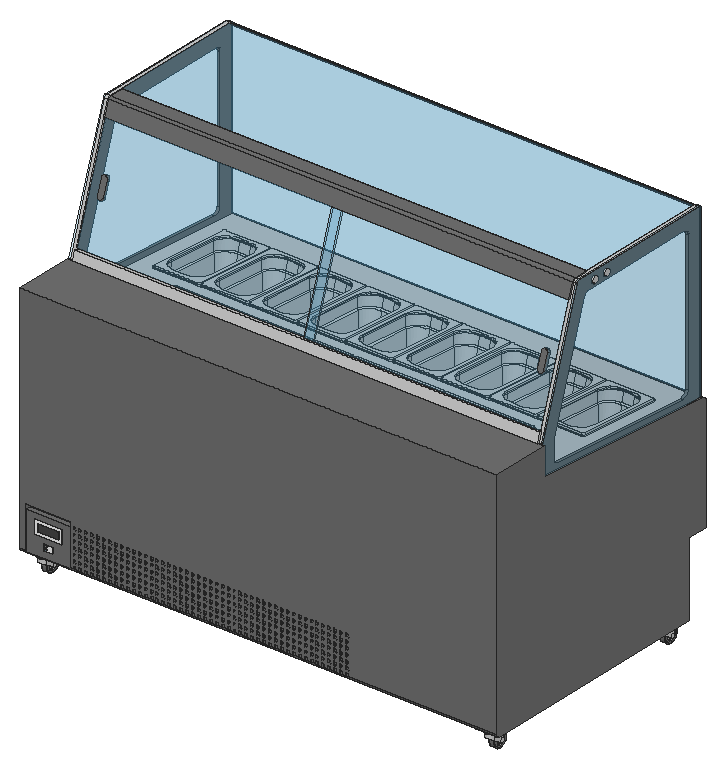
Revit family "QF_BLIZZARD_LUXE12_250923021643", category Specialty Equipment, Revit 2021
Family settings
  Round Connector Dimension = Use Diameter
  Part Type = Normal
  OmniClass Number = 23.40.40.14
  OmniClass Title = Food Service Equipment
  Work Plane-Based = No
  Always vertical = Yes
  Cut with Voids When Loaded = No
  Shared = No
  Room Calculation Point = No
Parameters (values of type "SUNDAE12")
  Weight [instance] = 331.00 kg
  Warranty Start Date [instance] = ""
  Warranty Duration [instance] = ""
  Volts [instance] = 230 V
  Volt Free Conn [instance] = no
  URL Recommended Spares List [instance] = ""
  URL Manufacturer [instance] = ""
  URL Cutsheet [instance] = ""
  URL Critical Spares List [instance] = ""
  URL = "www.blizzardequipment.com"
  Technical Documentation [instance] = ""
  Tag Number [instance] = ""
  Status [instance] = ""
  Start Up Current [instance] = 0 A
  Specification by User [instance] = ""
  Specification by Manufacturer [instance] = ""
  Sound Level [instance] = ""
  Show Logo [instance] = yes
  Show Clearances [instance] = yes
  Service Life Duration [instance] = ""
  Serial Number [instance] = ""
  Seismic Rating [instance] = ""
  SMACNA No [instance] = ""
  Revision Code [instance] = ""
  Revision [instance] = ""
  Production Year [instance] = ""
  Potential Equalisation [instance] = no
  Point Load [instance] = 0
  Phase [instance] = 1
  Other Equipment Approvals [instance] = ""
  Operational Current [instance] = 0 A
  Number of Poles [instance] = 2
  No Load Power Draw [instance] = no
  NAFEM Spec ID Number [instance] = ""
  Model Warning [instance] = ""
  Model = "LUXE12"
  Min Ckt Ampacity [instance] = 0 A
  Max Overcurrent Protection [instance] = 16 A
  Masterspec [instance] = ""
  Manufacturer = "BLIZZARD"
  Main switch integrated [instance] = no
  Length Actual [instance] = 1610 mm
  Item Number [instance] = ""
  Installed By [instance] = ""
  Installation Date [instance] = ""
  Identify Quantity as Lot [instance] = no
  ID [instance] = ""
  Hygiene Approval [instance] = ""
  Height Actual [instance] = 1300 mm
  HP power [instance] = ""
  Furnished By [instance] = ""
  Foodservice Equipment Identifier [instance] = no
  FL Amps [instance] = 13 A
  Electrical Remarks [instance] = ""
  Electric power [instance] = 2990 W
  Electric Connection Type [instance] = ""
  Elec Conn RI Height [instance] = 0 mm
  Elec Conn Connection Height [instance] = 0 mm
  ETL Approved [instance] = no
  Description = "12 PAN ICE CREAM SERVE OVER"
  Depth Actual [instance] = 880 mm
  Default Elevation = 0 mm
  Cycle [instance] = 50 Hz
  Cost = 4915
  Connection to energy optimisation system [instance] = yes
  Conn Plug [instance] = ""
  Conn Conduit [instance] = no
  Centralized building control system with digital interface [instance] = ""
  CSI MasterFormat [instance] = ""
  CE Approved [instance] = no
  Barcode [instance] = 0
  Author [instance] = ""
  Asset Identifier [instance] = ""
  Apparent Power [instance] = 2990 VA
  Accessory [instance] = no
Reference planes
  plane 1 "Center (Front/Back)": y = 0
  plane 2: z = 0
  plane 3 "Center (Left/Right)": x = 0
Forms (mm)
  Extrusion 1, solid, not visible
    sketch origin (100.005, -878.043, 110.005) x (1, 0, 0) y (0, 1, 0)
      loop
        line (-2, 2) -> (-2, -2) -> (2, -2) -> (2, 2) -> (-2, 2)
    from -2 to 2
Dimensions and locks
  locked: nested 2 to Extrusion 1 at 4
  locked: nested 2 to Extrusion 1 at 2
  aligned and locked: level to plane 2
Nested families
  nested 1: "QF_BLIZZARD_SUNDAE12_2920" at (0, 0, 0), type "SUNDAE12"
    with Weight 331.00 kg, Warranty Start Date "", Warranty Duration "", URL Cutsheet "", Technical Documentation "", Tag Number "", Status "", Specification by User "", Specification by Manufacturer "", Sound Level "", Solid Fuel Type "", Show Logo yes, Show Clearances yes, Service Life Duration "", Serial Number "", Seismic Rating "", SMACNA No "", Revision Code "", Revision "", Production Year "", Point Load 0, Other Equipment Approvals "", NAFEM Spec ID Number "", Model Warning "", Masterspec "", Length Actual 1610 mm, Item Number "", Installed By "", Installation Date "", Identify Quantity as Lot yes, ID "", Hygiene Approval "", Height Actual 1300 mm, Furnished By "", Foodservice Equipment Identifier yes, ETL Approved yes, Depth Actual 880 mm, CSI MasterFormat "", CE Approved yes, Barcode "", Asset Identifier "", Accessory no
  nested 2: "CONN_POINT_ELE_2D___Generic_Annotation" at (100.005, -880.043, 110.005), type "CONN_POINT_ELE_2D___Generic_Annotation"
    with Onboard connection annotation symbol visibility yes
Connectors
  electrical at (100.005, -880.043, 110.005), driven by "Apparent Power", driven by "Number of Poles", driven by "Volts"
    settings: on Extrusion 1, index 1, voltage 230 V, apparent load 0 VA, apparent load phase1 2990 VA, apparent load phase2 0 VA, apparent load phase3 0 VA, power factor 1, load classification "Other", number of poles 2, system type 31, power factor state 1, is connector primary yes, connector utility no, sub classification motor no, connector description "Electrical connection for LUXE12"
Definition of nested family "QF_BLIZZARD_SUNDAE12_2920"
  Parameters (values of type "SUNDAE12")
    Weight [instance] = 0.00 kg
    Warranty Start Date [instance] = ""
    Warranty Duration [instance] = ""
    URL Cutsheet [instance] = ""
    URL = "www.blizzardequipment.com"
    Technical Documentation [instance] = ""
    Tag Number [instance] = ""
    Status [instance] = ""
    Specification by User [instance] = ""
    Specification by Manufacturer [instance] = ""
    Sound Level [instance] = ""
    Solid Fuel Type [instance] = ""
    Show Logo [instance] = yes
    Show Clearances [instance] = yes
    Service Life Duration [instance] = ""
    Serial Number [instance] = ""
    Seismic Rating [instance] = ""
    SMACNA No [instance] = ""
    Revision Code [instance] = ""
    Revision [instance] = ""
    Production Year [instance] = ""
    Point Load [instance] = 0
    Other Equipment Approvals [instance] = ""
    NAFEM Spec ID Number [instance] = ""
    Model Warning [instance] = ""
    Model = "LUXE12"
    Masterspec [instance] = ""
    Manufacturer = "BLIZZARD"
    Length Actual [instance] = 0 mm
    Item Number [instance] = ""
    Installed By [instance] = ""
    Installation Date [instance] = ""
    Identify Quantity as Lot [instance] = yes
    ID [instance] = ""
    Hygiene Approval [instance] = ""
    Height Actual [instance] = 0 mm
    Furnished By [instance] = ""
    Foodservice Equipment Identifier [instance] = yes
    ETL Approved [instance] = yes
    Description = "12 PAN ICE CREAM SERVE OVER"
    Depth Actual [instance] = 0 mm
    Default Elevation = 0 mm
    CSI MasterFormat [instance] = ""
    CE Approved [instance] = yes
    Barcode [instance] = ""
    Author = "SPECIFI"
    Asset Identifier [instance] = ""
    Assembly Code = "E1090320"
    Accessory [instance] = yes
  Reference planes
    plane 1 "Back": y = 0
    plane 2: z = 0
    plane 3 "Left": x = 0
    plane 4 "Right": x = 1610
    plane 5 "Front": y = -880
    plane 6 "Top": z = 1300
  Forms (mm)
    Extrusion 1, solid
      sketch origin (1604.5, -20.5, -39.345) x (-1, 0, 0) y (0, -1, 0)
        loop
          line (56, 104) -> (58, 104)
          arc (58, 104) -> (44.5, 117.5) -> (31, 104) r 13.5
          line (31, 104) -> (33, 104)
          arc (33, 104) -> (44.5, 115.5) -> (56, 104) r 11.5
      from 61.345 to 98.345
    Extrusion 2, solid
      sketch origin (1573.5, -37.722, -47.526) x (0, 1, 0) y (0, 0, -1)
        loop
          line (-86.778, -84.526) -> (-86.778, -106.526) -> (-55.778, -106.526) -> (-55.778, -101.526) -> (-47.778, -72.526)
          arc (-47.778, -72.526) -> (-50.121, -66.869) -> (-55.778, -64.526) r 8
          line (-55.778, -64.526) -> (-86.778, -84.526)
      from 0 to 2
    Revolve 3, solid
      sketch origin (1591.5, -93.5, -25.119) x (-1, 0, 0) y (0, 0, -1)
        loop
          arc (23.5, -25.119) -> (22.086, -25.705) -> (21.5, -27.119) r 2
          line (21.5, -27.119) -> (21.5, -35.119) -> (41.5, -35.119) -> (41.5, -27.119)
          arc (41.5, -27.119) -> (40.914, -25.705) -> (39.5, -25.119) r 2
          line (39.5, -25.119) -> (23.5, -25.119)
        axis (21.5, -50.119) -> (41.5, -50.119)
      angle from 0 to 360
    Extrusion 4, solid
      sketch origin (1581.11, -17.705, -12.526) x (0, 1, 0) y (0, 0, -1)
        loop
          circle (-75.795, -37.526) r 6
      from 6.11 to 36.11
    Extrusion 5, solid
      sketch origin (1565, 628.948, -19.119) x (0, 1, 0) y (0, 0, -1)
        loop
          circle (-722.448, -44.119) r 13
      from 0 to 10
    Extrusion 6, solid
      sketch origin (56.431, 626.454, 57) x (-1, 0, 0) y (0, -1, 0)
        loop
          arc (-1492.069, 750.954) -> (-1503.569, 762.454) -> (-1515.069, 750.954) r 11.5
          line (-1515.069, 750.954) -> (-1515.069, 719.954) -> (-1492.069, 719.954) -> (-1492.069, 750.954)
      from 0 to 2
    Revolve 7, solid
      sketch origin (1560, -160.579, -32) x (0, -1, 0) y (0, 0, -1)
        loop
          line (-22.579, -91) -> (-41.579, -91) -> (-41.579, -101) -> (-17.579, -101)
          arc (-17.579, -101) -> (-18.286, -100.707) -> (-18.579, -100) r 1
          line (-18.579, -100) -> (-18.579, -94)
          arc (-18.579, -94) -> (-18.872, -93.293) -> (-19.579, -93) r 1
          line (-19.579, -93) -> (-22.579, -93) -> (-22.579, -91)
        axis (-41.579, -91) -> (-41.579, -101)
      angle from 0 to 360
    Extrusion 8, solid
      sketch origin (1548.5, -37.722, -47.526) x (0, 1, 0) y (0, 0, -1)
        loop
          line (-86.778, -84.526) -> (-86.778, -106.526) -> (-55.778, -106.526) -> (-55.778, -101.526) -> (-47.778, -72.526)
          arc (-47.778, -72.526) -> (-50.121, -66.869) -> (-55.778, -64.526) r 8
          line (-55.778, -64.526) -> (-86.778, -84.526)
      from 0 to 2
    Extrusion 9, solid
      sketch origin (1850.983, -471.844, 169.646) x (0, 1, 0) y (0, 0, -1)
        loop
          circle (378.344, 144.646) r 15
        loop
          circle (378.344, 144.646) r 13
      from 280.983 to 300.983
    Extrusion 10, solid
      sketch origin (1831.573, -106.052, 69) x (-1, 0, 0) y (0, -1, 0)
        loop
          line (241.573, -17.052) -> (301.573, -17.052) -> (301.573, 42.948) -> (241.573, 42.948) -> (241.573, -17.052)
      from 0 to 2
    Extrusion 11, solid
      sketch origin (1604.5, -740.5, -39.345) x (-1, 0, 0) y (0, -1, 0)
        loop
          line (56, 104) -> (58, 104)
          arc (58, 104) -> (44.5, 117.5) -> (31, 104) r 13.5
          line (31, 104) -> (33, 104)
          arc (33, 104) -> (44.5, 115.5) -> (56, 104) r 11.5
      from 61.345 to 98.345
    Extrusion 12, solid
      sketch origin (1573.5, -757.722, -47.526) x (0, 1, 0) y (0, 0, -1)
        loop
          line (-86.778, -84.526) -> (-86.778, -106.526) -> (-55.778, -106.526) -> (-55.778, -101.526) -> (-47.778, -72.526)
          arc (-47.778, -72.526) -> (-50.121, -66.869) -> (-55.778, -64.526) r 8
          line (-55.778, -64.526) -> (-86.778, -84.526)
      from 0 to 2
    Revolve 13, solid
      sketch origin (1591.5, -813.5, -25.119) x (-1, 0, 0) y (0, 0, -1)
        loop
          arc (23.5, -25.119) -> (22.086, -25.705) -> (21.5, -27.119) r 2
          line (21.5, -27.119) -> (21.5, -35.119) -> (41.5, -35.119) -> (41.5, -27.119)
          arc (41.5, -27.119) -> (40.914, -25.705) -> (39.5, -25.119) r 2
          line (39.5, -25.119) -> (23.5, -25.119)
        axis (21.5, -50.119) -> (41.5, -50.119)
      angle from 0 to 360
    Extrusion 14, solid
      sketch origin (1581.11, -737.705, -12.526) x (0, 1, 0) y (0, 0, -1)
        loop
          circle (-75.795, -37.526) r 6
      from 6.11 to 36.11
    Extrusion 15, solid
      sketch origin (1565, -91.052, -19.119) x (0, 1, 0) y (0, 0, -1)
        loop
          circle (-722.448, -44.119) r 13
      from 0 to 10
    Extrusion 16, solid
      sketch origin (56.431, -93.546, 57) x (-1, 0, 0) y (0, -1, 0)
        loop
          arc (-1492.069, 750.954) -> (-1503.569, 762.454) -> (-1515.069, 750.954) r 11.5
          line (-1515.069, 750.954) -> (-1515.069, 719.954) -> (-1492.069, 719.954) -> (-1492.069, 750.954)
      from 0 to 2
    Revolve 17, solid
      sketch origin (1560, -880.579, -32) x (0, -1, 0) y (0, 0, -1)
        loop
          line (-22.579, -91) -> (-41.579, -91) -> (-41.579, -101) -> (-17.579, -101)
          arc (-17.579, -101) -> (-18.286, -100.707) -> (-18.579, -100) r 1
          line (-18.579, -100) -> (-18.579, -94)
          arc (-18.579, -94) -> (-18.872, -93.293) -> (-19.579, -93) r 1
          line (-19.579, -93) -> (-22.579, -93) -> (-22.579, -91)
        axis (-41.579, -91) -> (-41.579, -101)
      angle from 0 to 360
    Extrusion 18, solid
      sketch origin (1548.5, -757.722, -47.526) x (0, 1, 0) y (0, 0, -1)
        loop
          line (-86.778, -84.526) -> (-86.778, -106.526) -> (-55.778, -106.526) -> (-55.778, -101.526) -> (-47.778, -72.526)
          arc (-47.778, -72.526) -> (-50.121, -66.869) -> (-55.778, -64.526) r 8
          line (-55.778, -64.526) -> (-86.778, -84.526)
      from 0 to 2
    Extrusion 19, solid
      sketch origin (1850.983, -1191.844, 169.646) x (0, 1, 0) y (0, 0, -1)
        loop
          circle (378.344, 144.646) r 15
        loop
          circle (378.344, 144.646) r 13
      from 280.983 to 300.983
    Extrusion 20, solid
      sketch origin (1831.573, -826.052, 69) x (-1, 0, 0) y (0, -1, 0)
        loop
          line (241.573, -17.052) -> (301.573, -17.052) -> (301.573, 42.948) -> (241.573, 42.948) -> (241.573, -17.052)
      from 0 to 2
    Extrusion 21, solid
      sketch origin (1570, -594, 0) x (0, -1, 0) y (0, 0, 1)
        loop
          line (-485, 57) -> (-510, 57) -> (-534.62, 61.341) -> (-534.967, 59.372) -> (-510.175, 55) -> (-485, 55) -> (-485, 57)
      from 0 to 20
    Extrusion 22, solid
      sketch origin (94.5, -20.5, -39.345) x (-1, 0, 0) y (0, -1, 0)
        loop
          line (56, 104) -> (58, 104)
          arc (58, 104) -> (44.5, 117.5) -> (31, 104) r 13.5
          line (31, 104) -> (33, 104)
          arc (33, 104) -> (44.5, 115.5) -> (56, 104) r 11.5
      from 61.345 to 98.345
    Extrusion 23, solid
      sketch origin (63.5, -37.722, -47.526) x (0, 1, 0) y (0, 0, -1)
        loop
          line (-86.778, -84.526) -> (-86.778, -106.526) -> (-55.778, -106.526) -> (-55.778, -101.526) -> (-47.778, -72.526)
          arc (-47.778, -72.526) -> (-50.121, -66.869) -> (-55.778, -64.526) r 8
          line (-55.778, -64.526) -> (-86.778, -84.526)
      from 0 to 2
    Revolve 24, solid
      sketch origin (81.5, -93.5, -25.119) x (-1, 0, 0) y (0, 0, -1)
        loop
          arc (23.5, -25.119) -> (22.086, -25.705) -> (21.5, -27.119) r 2
          line (21.5, -27.119) -> (21.5, -35.119) -> (41.5, -35.119) -> (41.5, -27.119)
          arc (41.5, -27.119) -> (40.914, -25.705) -> (39.5, -25.119) r 2
          line (39.5, -25.119) -> (23.5, -25.119)
        axis (21.5, -50.119) -> (41.5, -50.119)
      angle from 0 to 360
    Extrusion 25, solid
      sketch origin (71.11, -17.705, -12.526) x (0, 1, 0) y (0, 0, -1)
        loop
          circle (-75.795, -37.526) r 6
      from 6.11 to 36.11
    Extrusion 26, solid
      sketch origin (55, 628.948, -19.119) x (0, 1, 0) y (0, 0, -1)
        loop
          circle (-722.448, -44.119) r 13
      from 0 to 10
    Extrusion 27, solid
      sketch origin (-1453.569, 626.454, 57) x (-1, 0, 0) y (0, -1, 0)
        loop
          arc (-1492.069, 750.954) -> (-1503.569, 762.454) -> (-1515.069, 750.954) r 11.5
          line (-1515.069, 750.954) -> (-1515.069, 719.954) -> (-1492.069, 719.954) -> (-1492.069, 750.954)
      from 0 to 2
    Revolve 28, solid
      sketch origin (50, -160.579, -32) x (0, -1, 0) y (0, 0, -1)
        loop
          line (-22.579, -91) -> (-41.579, -91) -> (-41.579, -101) -> (-17.579, -101)
          arc (-17.579, -101) -> (-18.286, -100.707) -> (-18.579, -100) r 1
          line (-18.579, -100) -> (-18.579, -94)
          arc (-18.579, -94) -> (-18.872, -93.293) -> (-19.579, -93) r 1
          line (-19.579, -93) -> (-22.579, -93) -> (-22.579, -91)
        axis (-41.579, -91) -> (-41.579, -101)
      angle from 0 to 360
    Extrusion 29, solid
      sketch origin (38.5, -37.722, -47.526) x (0, 1, 0) y (0, 0, -1)
        loop
          line (-86.778, -84.526) -> (-86.778, -106.526) -> (-55.778, -106.526) -> (-55.778, -101.526) -> (-47.778, -72.526)
          arc (-47.778, -72.526) -> (-50.121, -66.869) -> (-55.778, -64.526) r 8
          line (-55.778, -64.526) -> (-86.778, -84.526)
      from 0 to 2
    Extrusion 30, solid
      sketch origin (340.983, -471.844, 169.646) x (0, 1, 0) y (0, 0, -1)
        loop
          circle (378.344, 144.646) r 15
        loop
          circle (378.344, 144.646) r 13
      from 280.983 to 300.983
    Extrusion 31, solid
      sketch origin (321.573, -106.052, 69) x (-1, 0, 0) y (0, -1, 0)
        loop
          line (241.573, -17.052) -> (301.573, -17.052) -> (301.573, 42.948) -> (241.573, 42.948) -> (241.573, -17.052)
      from 0 to 2
    Extrusion 32, solid
      sketch origin (94.5, -740.5, -39.345) x (-1, 0, 0) y (0, -1, 0)
        loop
          line (56, 104) -> (58, 104)
          arc (58, 104) -> (44.5, 117.5) -> (31, 104) r 13.5
          line (31, 104) -> (33, 104)
          arc (33, 104) -> (44.5, 115.5) -> (56, 104) r 11.5
      from 61.345 to 98.345
    Extrusion 33, solid
      sketch origin (63.5, -757.722, -47.526) x (0, 1, 0) y (0, 0, -1)
        loop
          line (-86.778, -84.526) -> (-86.778, -106.526) -> (-55.778, -106.526) -> (-55.778, -101.526) -> (-47.778, -72.526)
          arc (-47.778, -72.526) -> (-50.121, -66.869) -> (-55.778, -64.526) r 8
          line (-55.778, -64.526) -> (-86.778, -84.526)
      from 0 to 2
    Revolve 34, solid
      sketch origin (81.5, -813.5, -25.119) x (-1, 0, 0) y (0, 0, -1)
        loop
          arc (23.5, -25.119) -> (22.086, -25.705) -> (21.5, -27.119) r 2
          line (21.5, -27.119) -> (21.5, -35.119) -> (41.5, -35.119) -> (41.5, -27.119)
          arc (41.5, -27.119) -> (40.914, -25.705) -> (39.5, -25.119) r 2
          line (39.5, -25.119) -> (23.5, -25.119)
        axis (21.5, -50.119) -> (41.5, -50.119)
      angle from 0 to 360
    Extrusion 35, solid
      sketch origin (71.11, -737.705, -12.526) x (0, 1, 0) y (0, 0, -1)
        loop
          circle (-75.795, -37.526) r 6
      from 6.11 to 36.11
    Extrusion 36, solid
      sketch origin (55, -91.052, -19.119) x (0, 1, 0) y (0, 0, -1)
        loop
          circle (-722.448, -44.119) r 13
      from 0 to 10
    Extrusion 37, solid
      sketch origin (-1453.569, -93.546, 57) x (-1, 0, 0) y (0, -1, 0)
        loop
          arc (-1492.069, 750.954) -> (-1503.569, 762.454) -> (-1515.069, 750.954) r 11.5
          line (-1515.069, 750.954) -> (-1515.069, 719.954) -> (-1492.069, 719.954) -> (-1492.069, 750.954)
      from 0 to 2
    Revolve 38, solid
      sketch origin (50, -880.579, -32) x (0, -1, 0) y (0, 0, -1)
        loop
          line (-22.579, -91) -> (-41.579, -91) -> (-41.579, -101) -> (-17.579, -101)
          arc (-17.579, -101) -> (-18.286, -100.707) -> (-18.579, -100) r 1
          line (-18.579, -100) -> (-18.579, -94)
          arc (-18.579, -94) -> (-18.872, -93.293) -> (-19.579, -93) r 1
          line (-19.579, -93) -> (-22.579, -93) -> (-22.579, -91)
        axis (-41.579, -91) -> (-41.579, -101)
      angle from 0 to 360
    Extrusion 39, solid
      sketch origin (38.5, -757.722, -47.526) x (0, 1, 0) y (0, 0, -1)
        loop
          line (-86.778, -84.526) -> (-86.778, -106.526) -> (-55.778, -106.526) -> (-55.778, -101.526) -> (-47.778, -72.526)
          arc (-47.778, -72.526) -> (-50.121, -66.869) -> (-55.778, -64.526) r 8
          line (-55.778, -64.526) -> (-86.778, -84.526)
      from 0 to 2
    Extrusion 40, solid
      sketch origin (340.983, -1191.844, 169.646) x (0, 1, 0) y (0, 0, -1)
        loop
          circle (378.344, 144.646) r 15
        loop
          circle (378.344, 144.646) r 13
      from 280.983 to 300.983
    Extrusion 41, solid
      sketch origin (321.573, -826.052, 69) x (-1, 0, 0) y (0, -1, 0)
        loop
          line (241.573, -17.052) -> (301.573, -17.052) -> (301.573, 42.948) -> (241.573, 42.948) -> (241.573, -17.052)
      from 0 to 2
    Extrusion 42, solid
      sketch origin (60, -594, 0) x (0, -1, 0) y (0, 0, 1)
        loop
          line (-485, 57) -> (-510, 57) -> (-534.62, 61.341) -> (-534.967, 59.372) -> (-510.175, 55) -> (-485, 55) -> (-485, 57)
      from 0 to 20
    Extrusion 43, void
      sketch origin (1600, -879, 0) x (0, -1, 0) y (0, 0, 1)
        loop
          line (-10.5, 52.484) -> (-34.5, 37) -> (-34.5, 57) -> (-58.5, 57) -> (-58.5, 22) -> (-10.5, 22) -> (-10.5, 52.484)
      from 26.5 to 53.5
    Extrusion 44, void
      sketch origin (1600, -159, 0) x (0, -1, 0) y (0, 0, 1)
        loop
          line (-10.5, 52.484) -> (-34.5, 37) -> (-34.5, 57) -> (-58.5, 57) -> (-58.5, 22) -> (-10.5, 22) -> (-10.5, 52.484)
      from 26.5 to 53.5
    Extrusion 45, void
      sketch origin (90, -879, 0) x (0, -1, 0) y (0, 0, 1)
        loop
          line (-10.5, 52.484) -> (-34.5, 37) -> (-34.5, 57) -> (-58.5, 57) -> (-58.5, 22) -> (-10.5, 22) -> (-10.5, 52.484)
      from 26.5 to 53.5
    Extrusion 46, void
      sketch origin (90, -159, 0) x (0, -1, 0) y (0, 0, 1)
        loop
          line (-10.5, 52.484) -> (-34.5, 37) -> (-34.5, 57) -> (-58.5, 57) -> (-58.5, 22) -> (-10.5, 22) -> (-10.5, 52.484)
      from 26.5 to 53.5
    Extrusion 47, solid
      sketch origin (1625, -843.5, 665) x (0, -1, 0) y (0, 0, 1)
        loop
          line (-834.5, 625) -> (-834.5, 54) -> (-829.5, 54) -> (-829.5, 625)
          arc (-829.5, 625) -> (-828.036, 628.536) -> (-824.5, 630) r 5
          line (-824.5, 630) -> (-370.038, 630) -> (-370.038, 635) -> (-824.5, 635)
          arc (-824.5, 635) -> (-831.571, 632.071) -> (-834.5, 625) r 10
      from 35 to 1605
    Extrusion 48, solid
      sketch origin (1610, -463.462, 706) x (0, -1, 0) y (0, 0, 1)
        loop
          circle (-50, 569) r 10
      from 0 to 5
    Extrusion 49, solid
      sketch origin (1635, -911, 547) x (0, -1, 0) y (0, 0, 1)
        loop
          line (-387.538, 751) -> (-892, 751)
          arc (-892, 751) -> (-897.657, 748.657) -> (-900, 743) r 8
          line (-900, 743) -> (-900, 172) -> (-232, 172) -> (-232, 315.857) -> (-379.974, 745.605)
          arc (-379.974, 745.605) -> (-382.893, 749.513) -> (-387.538, 751) r 8
        loop
          line (-283.09, 316.797) -> (-411.425, 689.511)
          arc (-411.425, 689.511) -> (-418.722, 699.282) -> (-430.336, 703) r 20
          line (-430.336, 703) -> (-832, 703)
          arc (-832, 703) -> (-846.142, 697.142) -> (-852, 683) r 20
          line (-852, 683) -> (-852, 213.678)
          arc (-852, 213.678) -> (-845.562, 198.978) -> (-830.392, 193.743) r 20
          line (-830.392, 193.743) -> (-300.392, 236.484)
          arc (-300.392, 236.484) -> (-287.3, 242.858) -> (-282, 256.42) r 20
          line (-282, 256.42) -> (-282, 310.286)
          arc (-282, 310.286) -> (-282.274, 313.587) -> (-283.09, 316.797) r 20
      from 35 to 45
    Extrusion 50, solid
      sketch origin (1610, -413.462, 706) x (0, 1, 0) y (0, 0, -1)
        loop
          circle (-50, -569) r 10
      from 0 to 5
    Extrusion 51, solid
      sketch origin (0, -463.462, 706) x (0, -1, 0) y (0, 0, -1)
        loop
          circle (-50, -569) r 10
      from 0 to 5
    Extrusion 52, solid
      sketch origin (0, -413.462, 706) x (0, 1, 0) y (0, 0, 1)
        loop
          circle (-50, 569) r 10
      from 0 to 5
    Extrusion 53, solid
      sketch origin (890, -901, -7) x (0, -1, 0) y (0, 0, -1)
        loop
          line (-222, -876) -> (-22, -876) -> (-22, -88)
          arc (-22, -88) -> (-24.929, -80.929) -> (-32, -78) r 10
          line (-32, -78) -> (-832, -78) -> (-832, -328) -> (-902, -328) -> (-902, -716)
          arc (-902, -716) -> (-899.071, -723.071) -> (-892, -726) r 10
          line (-892, -726) -> (-222, -780.032) -> (-222, -876)
      from -890 to 720
    Extrusion 54, solid
      sketch origin (1585, -520.693, -9.47) x (0, -0.919003, -0.39425) y (0, -0.39425, 0.919003)
        loop
          line (-222.149, 893.201) -> (-468.767, 1165) -> (-472.47, 1161.64) -> (-225.852, 889.842) -> (-222.149, 893.201)
      from -5 to 795
    Extrusion 55, solid
      sketch origin (180, -514.488, -6.809) x (0, -0.919003, -0.39425) y (0, -0.39425, 0.919003)
        loop
          line (-219.1, 889.842) -> (-465.718, 1161.64) -> (-469.421, 1158.28) -> (-222.803, 886.482) -> (-219.1, 889.842)
      from -640 to 160
    Extrusion 56, solid
      sketch origin (1630, -520.693, -9.47) x (0, -0.919003, -0.39425) y (0, -0.39425, 0.919003)
        loop
          line (-197.936, 870.981) -> (-219.927, 895.217) -> (-231.777, 884.466) -> (-185.109, 833.034) -> (-200.852, 869.73) -> (-197.936, 870.981)
      from 40 to 1610
    Extrusion 57, solid
      sketch origin (2117.067, -944.18, 101.934) x (-1, 0, 0) y (0, 0.325568, 0.945519)
        loop
          line (557.067, 1051.807) -> (557.067, 1001.807)
          arc (557.067, 1001.807) -> (567.067, 991.807) -> (577.067, 1001.807) r 10
          line (577.067, 1001.807) -> (577.067, 1051.807)
          arc (577.067, 1051.807) -> (567.067, 1061.807) -> (557.067, 1051.807) r 10
      from 0 to 7
    Extrusion 58, solid
      sketch origin (627.067, -939.452, 100.306) x (-1, 0, 0) y (0, 0.325568, 0.945519)
        loop
          arc (577.067, 1051.807) -> (567.067, 1061.807) -> (557.067, 1051.807) r 10
          line (557.067, 1051.807) -> (557.067, 1001.807)
          arc (557.067, 1001.807) -> (567.067, 991.807) -> (577.067, 1001.807) r 10
          line (577.067, 1001.807) -> (577.067, 1051.807)
      from 0 to 7
    Extrusion 59, solid
      sketch origin (1640, -901, 547) x (0, -1, 0) y (0, 0, 1)
        loop
          line (-377.538, 753) -> (-882, 753)
          arc (-882, 753) -> (-889.071, 750.071) -> (-892, 743) r 10
          line (-892, 743) -> (-892, 172) -> (-222, 172) -> (-222, 322) -> (-368.083, 746.256)
          arc (-368.083, 746.256) -> (-371.731, 751.141) -> (-377.538, 753) r 10
      from 35 to 40
    Extrusion 60, solid
      sketch origin (1635, -861, 547) x (0, -1, 0) y (0, 0, 1)
        loop
          line (-337.538, 753) -> (-842, 753)
          arc (-842, 753) -> (-849.071, 750.071) -> (-852, 743) r 10
          line (-852, 743) -> (-852, 172) -> (-850, 172) -> (-850, 743)
          arc (-850, 743) -> (-847.657, 748.657) -> (-842, 751) r 8
          line (-842, 751) -> (-337.538, 751)
          arc (-337.538, 751) -> (-332.893, 749.513) -> (-329.974, 745.605) r 8
          line (-329.974, 745.605) -> (-182, 315.857) -> (-182, 322) -> (-328.083, 746.256)
          arc (-328.083, 746.256) -> (-331.731, 751.141) -> (-337.538, 753) r 10
      from 35 to 45
    Extrusion 61, solid
      sketch origin (1590, -879, 0) x (0, -1, 0) y (0, 0, 1)
        loop
          line (-355.538, 1300) -> (-405.538, 1300) -> (-405.538, 1250) -> (-398.336, 1250)
          arc (-398.336, 1250) -> (-386.722, 1246.282) -> (-379.425, 1236.511) r 20
          line (-379.425, 1236.511) -> (-377.08, 1229.701) -> (-329.805, 1245.98) -> (-346.083, 1293.256)
          arc (-346.083, 1293.256) -> (-349.731, 1298.141) -> (-355.538, 1300) r 10
      from 0 to 1570
    Extrusion 62, solid
      sketch origin (-25, -911, 547) x (0, -1, 0) y (0, 0, -1)
        loop
          arc (-387.538, -751) -> (-382.893, -749.513) -> (-379.974, -745.605) r 8
          line (-379.974, -745.605) -> (-232, -315.857) -> (-232, -172) -> (-900, -172) -> (-900, -743)
          arc (-900, -743) -> (-897.657, -748.657) -> (-892, -751) r 8
          line (-892, -751) -> (-387.538, -751)
        loop
          arc (-283.09, -316.797) -> (-282.274, -313.587) -> (-282, -310.286) r 20
          line (-282, -310.286) -> (-282, -256.42)
          arc (-282, -256.42) -> (-287.3, -242.858) -> (-300.392, -236.484) r 20
          line (-300.392, -236.484) -> (-830.392, -193.743)
          arc (-830.392, -193.743) -> (-845.562, -198.978) -> (-852, -213.678) r 20
          line (-852, -213.678) -> (-852, -683)
          arc (-852, -683) -> (-846.142, -697.142) -> (-832, -703) r 20
          line (-832, -703) -> (-430.336, -703)
          arc (-430.336, -703) -> (-418.722, -699.282) -> (-411.425, -689.511) r 20
          line (-411.425, -689.511) -> (-283.09, -316.797)
      from 35 to 45
    Extrusion 63, solid
      sketch origin (-30, -901, 547) x (0, -1, 0) y (0, 0, -1)
        loop
          arc (-377.538, -753) -> (-371.731, -751.141) -> (-368.083, -746.256) r 10
          line (-368.083, -746.256) -> (-222, -322) -> (-222, -172) -> (-892, -172) -> (-892, -743)
          arc (-892, -743) -> (-889.071, -750.071) -> (-882, -753) r 10
          line (-882, -753) -> (-377.538, -753)
      from 35 to 40
    Extrusion 64, solid
      sketch origin (-25, -861, 547) x (0, -1, 0) y (0, 0, -1)
        loop
          arc (-337.538, -753) -> (-331.731, -751.141) -> (-328.083, -746.256) r 10
          line (-328.083, -746.256) -> (-182, -322) -> (-182, -315.857) -> (-329.974, -745.605)
          arc (-329.974, -745.605) -> (-332.893, -749.513) -> (-337.538, -751) r 8
          line (-337.538, -751) -> (-842, -751)
          arc (-842, -751) -> (-847.657, -748.657) -> (-850, -743) r 8
          line (-850, -743) -> (-850, -172) -> (-852, -172) -> (-852, -743)
          arc (-852, -743) -> (-849.071, -750.071) -> (-842, -753) r 10
          line (-842, -753) -> (-337.538, -753)
      from 35 to 45
    Sweep 65, solid
      path origin (1207, -390, 608.268) x (0, 0.996764, -0.080384) y (-1, 0, 0)
        loop
          line (22.985, -289.089) -> (202.015, -289.089)
          arc (202.015, -289.089) -> (219.402, -281.887) -> (226.604, -264.5) r 24.589
          line (226.604, -264.5) -> (226.604, -227.5)
          arc (226.604, -227.5) -> (219.402, -210.113) -> (202.015, -202.911) r 24.589
          line (202.015, -202.911) -> (22.985, -202.911)
          arc (22.985, -202.911) -> (5.598, -210.113) -> (-1.604, -227.5) r 24.589
          line (-1.604, -227.5) -> (-1.604, -264.5)
          arc (-1.604, -264.5) -> (5.598, -281.887) -> (22.985, -289.089) r 24.589
      profile origin (1496.089, -277.864, 599.225) x (-1, 0, 0) y (0, 0.080384, 0.996764)
        loop
          arc (0, 2) -> (-9.637, 5.845) -> (-13.981, 15.267) r 14
          line (-13.981, 15.267) -> (-18.689, 105.106) -> (-23.411, 109.828) -> (-23.411, 143) -> (-25.411, 143) -> (-25.411, 109) -> (-20.646, 104.235) -> (-15.978, 15.163)
          arc (-15.978, 15.163) -> (-11.014, 4.394) -> (0, 0) r 16
          line (0, 0) -> (0, 2)
    Extrusion 66, solid
      sketch origin (1207, -389.598, 613.252) x (0, 0.996764, -0.080384) y (-1, 0, 0)
        loop
          line (-40, -174) -> (-40, -318)
          arc (-40, -318) -> (-37.364, -324.364) -> (-31, -327) r 9
          line (-31, -327) -> (256, -327)
          arc (256, -327) -> (262.364, -324.364) -> (265, -318) r 9
          line (265, -318) -> (265, -174)
          arc (265, -174) -> (262.364, -167.636) -> (256, -165) r 9
          line (256, -165) -> (-31, -165)
          arc (-31, -165) -> (-37.364, -167.636) -> (-40, -174) r 9
        loop
          arc (-25.015, -264.5) -> (-10.957, -298.441) -> (22.985, -312.5) r 48
          line (22.985, -312.5) -> (202.2, -312.5)
          arc (202.2, -312.5) -> (236.011, -298.495) -> (250.015, -264.685) r 47.815
          line (250.015, -264.685) -> (250.015, -227.5)
          arc (250.015, -227.5) -> (235.957, -193.559) -> (202.015, -179.5) r 48
          line (202.015, -179.5) -> (22.985, -179.5)
          arc (22.985, -179.5) -> (-10.957, -193.559) -> (-25.015, -227.5) r 48
          line (-25.015, -227.5) -> (-25.015, -264.5)
      from 138 to 140
    Extrusion 67, solid
      sketch origin (1207, -389.598, 613.252) x (0, 0.996764, -0.080384) y (-1, 0, 0)
        loop
          arc (-37, -318) -> (-35.243, -322.243) -> (-31, -324) r 6
          line (-31, -324) -> (256, -324)
          arc (256, -324) -> (260.243, -322.243) -> (262, -318) r 6
          line (262, -318) -> (262, -174)
          arc (262, -174) -> (260.243, -169.757) -> (256, -168) r 6
          line (256, -168) -> (-31, -168)
          arc (-31, -168) -> (-35.243, -169.757) -> (-37, -174) r 6
          line (-37, -174) -> (-37, -318)
        loop
          arc (-25.015, -264.5) -> (-10.957, -298.441) -> (22.985, -312.5) r 48
          line (22.985, -312.5) -> (202.015, -312.5)
          arc (202.015, -312.5) -> (235.957, -298.441) -> (250.015, -264.5) r 48
          line (250.015, -264.5) -> (250.015, -227.5)
          arc (250.015, -227.5) -> (235.957, -193.559) -> (202.015, -179.5) r 48
          line (202.015, -179.5) -> (22.985, -179.5)
          arc (22.985, -179.5) -> (-10.957, -193.559) -> (-25.015, -227.5) r 48
          line (-25.015, -227.5) -> (-25.015, -264.5)
      from 140 to 145
    Extrusion 68, solid
      sketch origin (1207, 28.641, 574.507) x (0, 0.996764, -0.080384) y (-1, 0, 0)
        loop
          arc (-397.015, -202.911) -> (-414.402, -210.113) -> (-421.604, -227.5) r 24.589
          line (-421.604, -227.5) -> (-421.604, -264.5)
          arc (-421.604, -264.5) -> (-414.402, -281.887) -> (-397.015, -289.089) r 24.589
          line (-397.015, -289.089) -> (-217.8, -289.089)
          arc (-217.8, -289.089) -> (-200.544, -281.941) -> (-193.396, -264.685) r 24.404
          line (-193.396, -264.685) -> (-193.396, -227.315)
          arc (-193.396, -227.315) -> (-200.544, -210.059) -> (-217.8, -202.911) r 24.404
          line (-217.8, -202.911) -> (-397.015, -202.911)
      from 0 to 2
    Sweep 69, solid
      path origin (1045, -390, 608.268) x (0, 0.996764, -0.080384) y (-1, 0, 0)
        loop
          line (22.985, -289.089) -> (202.015, -289.089)
          arc (202.015, -289.089) -> (219.402, -281.887) -> (226.604, -264.5) r 24.589
          line (226.604, -264.5) -> (226.604, -227.5)
          arc (226.604, -227.5) -> (219.402, -210.113) -> (202.015, -202.911) r 24.589
          line (202.015, -202.911) -> (22.985, -202.911)
          arc (22.985, -202.911) -> (5.598, -210.113) -> (-1.604, -227.5) r 24.589
          line (-1.604, -227.5) -> (-1.604, -264.5)
          arc (-1.604, -264.5) -> (5.598, -281.887) -> (22.985, -289.089) r 24.589
      profile origin (1334.089, -277.864, 599.225) x (-1, 0, 0) y (0, 0.080384, 0.996764)
        loop
          arc (0, 2) -> (-9.637, 5.845) -> (-13.981, 15.267) r 14
          line (-13.981, 15.267) -> (-18.689, 105.106) -> (-23.411, 109.828) -> (-23.411, 143) -> (-25.411, 143) -> (-25.411, 109) -> (-20.646, 104.235) -> (-15.978, 15.163)
          arc (-15.978, 15.163) -> (-11.014, 4.394) -> (0, 0) r 16
          line (0, 0) -> (0, 2)
    Extrusion 70, solid
      sketch origin (1045, -389.598, 613.252) x (0, 0.996764, -0.080384) y (-1, 0, 0)
        loop
          line (-40, -174) -> (-40, -318)
          arc (-40, -318) -> (-37.364, -324.364) -> (-31, -327) r 9
          line (-31, -327) -> (256, -327)
          arc (256, -327) -> (262.364, -324.364) -> (265, -318) r 9
          line (265, -318) -> (265, -174)
          arc (265, -174) -> (262.364, -167.636) -> (256, -165) r 9
          line (256, -165) -> (-31, -165)
          arc (-31, -165) -> (-37.364, -167.636) -> (-40, -174) r 9
        loop
          arc (-25.015, -264.5) -> (-10.957, -298.441) -> (22.985, -312.5) r 48
          line (22.985, -312.5) -> (202.2, -312.5)
          arc (202.2, -312.5) -> (236.011, -298.495) -> (250.015, -264.685) r 47.815
          line (250.015, -264.685) -> (250.015, -227.5)
          arc (250.015, -227.5) -> (235.957, -193.559) -> (202.015, -179.5) r 48
          line (202.015, -179.5) -> (22.985, -179.5)
          arc (22.985, -179.5) -> (-10.957, -193.559) -> (-25.015, -227.5) r 48
          line (-25.015, -227.5) -> (-25.015, -264.5)
      from 138 to 140
    Extrusion 71, solid
      sketch origin (1045, -389.598, 613.252) x (0, 0.996764, -0.080384) y (-1, 0, 0)
        loop
          arc (-37, -318) -> (-35.243, -322.243) -> (-31, -324) r 6
          line (-31, -324) -> (256, -324)
          arc (256, -324) -> (260.243, -322.243) -> (262, -318) r 6
          line (262, -318) -> (262, -174)
          arc (262, -174) -> (260.243, -169.757) -> (256, -168) r 6
          line (256, -168) -> (-31, -168)
          arc (-31, -168) -> (-35.243, -169.757) -> (-37, -174) r 6
          line (-37, -174) -> (-37, -318)
        loop
          arc (-25.015, -264.5) -> (-10.957, -298.441) -> (22.985, -312.5) r 48
          line (22.985, -312.5) -> (202.015, -312.5)
          arc (202.015, -312.5) -> (235.957, -298.441) -> (250.015, -264.5) r 48
          line (250.015, -264.5) -> (250.015, -227.5)
          arc (250.015, -227.5) -> (235.957, -193.559) -> (202.015, -179.5) r 48
          line (202.015, -179.5) -> (22.985, -179.5)
          arc (22.985, -179.5) -> (-10.957, -193.559) -> (-25.015, -227.5) r 48
          line (-25.015, -227.5) -> (-25.015, -264.5)
      from 140 to 145
    Extrusion 72, solid
      sketch origin (1045, 28.641, 574.507) x (0, 0.996764, -0.080384) y (-1, 0, 0)
        loop
          arc (-397.015, -202.911) -> (-414.402, -210.113) -> (-421.604, -227.5) r 24.589
          line (-421.604, -227.5) -> (-421.604, -264.5)
          arc (-421.604, -264.5) -> (-414.402, -281.887) -> (-397.015, -289.089) r 24.589
          line (-397.015, -289.089) -> (-217.8, -289.089)
          arc (-217.8, -289.089) -> (-200.544, -281.941) -> (-193.396, -264.685) r 24.404
          line (-193.396, -264.685) -> (-193.396, -227.315)
          arc (-193.396, -227.315) -> (-200.544, -210.059) -> (-217.8, -202.911) r 24.404
          line (-217.8, -202.911) -> (-397.015, -202.911)
      from 0 to 2
    Sweep 73, solid
      path origin (883, -390, 608.268) x (0, 0.996764, -0.080384) y (-1, 0, 0)
        loop
          line (22.985, -289.089) -> (202.015, -289.089)
          arc (202.015, -289.089) -> (219.402, -281.887) -> (226.604, -264.5) r 24.589
          line (226.604, -264.5) -> (226.604, -227.5)
          arc (226.604, -227.5) -> (219.402, -210.113) -> (202.015, -202.911) r 24.589
          line (202.015, -202.911) -> (22.985, -202.911)
          arc (22.985, -202.911) -> (5.598, -210.113) -> (-1.604, -227.5) r 24.589
          line (-1.604, -227.5) -> (-1.604, -264.5)
          arc (-1.604, -264.5) -> (5.598, -281.887) -> (22.985, -289.089) r 24.589
      profile origin (1172.089, -277.864, 599.225) x (-1, 0, 0) y (0, 0.080384, 0.996764)
        loop
          arc (0, 2) -> (-9.637, 5.845) -> (-13.981, 15.267) r 14
          line (-13.981, 15.267) -> (-18.689, 105.106) -> (-23.411, 109.828) -> (-23.411, 143) -> (-25.411, 143) -> (-25.411, 109) -> (-20.646, 104.235) -> (-15.978, 15.163)
          arc (-15.978, 15.163) -> (-11.014, 4.394) -> (0, 0) r 16
          line (0, 0) -> (0, 2)
    Extrusion 74, solid
      sketch origin (883, -389.598, 613.252) x (0, 0.996764, -0.080384) y (-1, 0, 0)
        loop
          line (-40, -174) -> (-40, -318)
          arc (-40, -318) -> (-37.364, -324.364) -> (-31, -327) r 9
          line (-31, -327) -> (256, -327)
          arc (256, -327) -> (262.364, -324.364) -> (265, -318) r 9
          line (265, -318) -> (265, -174)
          arc (265, -174) -> (262.364, -167.636) -> (256, -165) r 9
          line (256, -165) -> (-31, -165)
          arc (-31, -165) -> (-37.364, -167.636) -> (-40, -174) r 9
        loop
          arc (-25.015, -264.5) -> (-10.957, -298.441) -> (22.985, -312.5) r 48
          line (22.985, -312.5) -> (202.2, -312.5)
          arc (202.2, -312.5) -> (236.011, -298.495) -> (250.015, -264.685) r 47.815
          line (250.015, -264.685) -> (250.015, -227.5)
          arc (250.015, -227.5) -> (235.957, -193.559) -> (202.015, -179.5) r 48
          line (202.015, -179.5) -> (22.985, -179.5)
          arc (22.985, -179.5) -> (-10.957, -193.559) -> (-25.015, -227.5) r 48
          line (-25.015, -227.5) -> (-25.015, -264.5)
      from 138 to 140
    Extrusion 75, solid
      sketch origin (883, -389.598, 613.252) x (0, 0.996764, -0.080384) y (-1, 0, 0)
        loop
          arc (-37, -318) -> (-35.243, -322.243) -> (-31, -324) r 6
          line (-31, -324) -> (256, -324)
          arc (256, -324) -> (260.243, -322.243) -> (262, -318) r 6
          line (262, -318) -> (262, -174)
          arc (262, -174) -> (260.243, -169.757) -> (256, -168) r 6
          line (256, -168) -> (-31, -168)
          arc (-31, -168) -> (-35.243, -169.757) -> (-37, -174) r 6
          line (-37, -174) -> (-37, -318)
        loop
          arc (-25.015, -264.5) -> (-10.957, -298.441) -> (22.985, -312.5) r 48
          line (22.985, -312.5) -> (202.015, -312.5)
          arc (202.015, -312.5) -> (235.957, -298.441) -> (250.015, -264.5) r 48
          line (250.015, -264.5) -> (250.015, -227.5)
          arc (250.015, -227.5) -> (235.957, -193.559) -> (202.015, -179.5) r 48
          line (202.015, -179.5) -> (22.985, -179.5)
          arc (22.985, -179.5) -> (-10.957, -193.559) -> (-25.015, -227.5) r 48
          line (-25.015, -227.5) -> (-25.015, -264.5)
      from 140 to 145
    Extrusion 76, solid
      sketch origin (883, 28.641, 574.507) x (0, 0.996764, -0.080384) y (-1, 0, 0)
        loop
          arc (-397.015, -202.911) -> (-414.402, -210.113) -> (-421.604, -227.5) r 24.589
          line (-421.604, -227.5) -> (-421.604, -264.5)
          arc (-421.604, -264.5) -> (-414.402, -281.887) -> (-397.015, -289.089) r 24.589
          line (-397.015, -289.089) -> (-217.8, -289.089)
          arc (-217.8, -289.089) -> (-200.544, -281.941) -> (-193.396, -264.685) r 24.404
          line (-193.396, -264.685) -> (-193.396, -227.315)
          arc (-193.396, -227.315) -> (-200.544, -210.059) -> (-217.8, -202.911) r 24.404
          line (-217.8, -202.911) -> (-397.015, -202.911)
      from 0 to 2
    Sweep 77, solid
      path origin (721, -390, 608.268) x (0, 0.996764, -0.080384) y (-1, 0, 0)
        loop
          line (22.985, -289.089) -> (202.015, -289.089)
          arc (202.015, -289.089) -> (219.402, -281.887) -> (226.604, -264.5) r 24.589
          line (226.604, -264.5) -> (226.604, -227.5)
          arc (226.604, -227.5) -> (219.402, -210.113) -> (202.015, -202.911) r 24.589
          line (202.015, -202.911) -> (22.985, -202.911)
          arc (22.985, -202.911) -> (5.598, -210.113) -> (-1.604, -227.5) r 24.589
          line (-1.604, -227.5) -> (-1.604, -264.5)
          arc (-1.604, -264.5) -> (5.598, -281.887) -> (22.985, -289.089) r 24.589
      profile origin (1010.089, -277.864, 599.225) x (-1, 0, 0) y (0, 0.080384, 0.996764)
        loop
          arc (0, 2) -> (-9.637, 5.845) -> (-13.981, 15.267) r 14
          line (-13.981, 15.267) -> (-18.689, 105.106) -> (-23.411, 109.828) -> (-23.411, 143) -> (-25.411, 143) -> (-25.411, 109) -> (-20.646, 104.235) -> (-15.978, 15.163)
          arc (-15.978, 15.163) -> (-11.014, 4.394) -> (0, 0) r 16
          line (0, 0) -> (0, 2)
    Extrusion 78, solid
      sketch origin (721, -389.598, 613.252) x (0, 0.996764, -0.080384) y (-1, 0, 0)
        loop
          line (-40, -174) -> (-40, -318)
          arc (-40, -318) -> (-37.364, -324.364) -> (-31, -327) r 9
          line (-31, -327) -> (256, -327)
          arc (256, -327) -> (262.364, -324.364) -> (265, -318) r 9
          line (265, -318) -> (265, -174)
          arc (265, -174) -> (262.364, -167.636) -> (256, -165) r 9
          line (256, -165) -> (-31, -165)
          arc (-31, -165) -> (-37.364, -167.636) -> (-40, -174) r 9
        loop
          arc (-25.015, -264.5) -> (-10.957, -298.441) -> (22.985, -312.5) r 48
          line (22.985, -312.5) -> (202.2, -312.5)
          arc (202.2, -312.5) -> (236.011, -298.495) -> (250.015, -264.685) r 47.815
          line (250.015, -264.685) -> (250.015, -227.5)
          arc (250.015, -227.5) -> (235.957, -193.559) -> (202.015, -179.5) r 48
          line (202.015, -179.5) -> (22.985, -179.5)
          arc (22.985, -179.5) -> (-10.957, -193.559) -> (-25.015, -227.5) r 48
          line (-25.015, -227.5) -> (-25.015, -264.5)
      from 138 to 140
    Extrusion 79, solid
      sketch origin (721, -389.598, 613.252) x (0, 0.996764, -0.080384) y (-1, 0, 0)
        loop
          arc (-37, -318) -> (-35.243, -322.243) -> (-31, -324) r 6
          line (-31, -324) -> (256, -324)
          arc (256, -324) -> (260.243, -322.243) -> (262, -318) r 6
          line (262, -318) -> (262, -174)
          arc (262, -174) -> (260.243, -169.757) -> (256, -168) r 6
          line (256, -168) -> (-31, -168)
          arc (-31, -168) -> (-35.243, -169.757) -> (-37, -174) r 6
          line (-37, -174) -> (-37, -318)
        loop
          arc (-25.015, -264.5) -> (-10.957, -298.441) -> (22.985, -312.5) r 48
          line (22.985, -312.5) -> (202.015, -312.5)
          arc (202.015, -312.5) -> (235.957, -298.441) -> (250.015, -264.5) r 48
          line (250.015, -264.5) -> (250.015, -227.5)
          arc (250.015, -227.5) -> (235.957, -193.559) -> (202.015, -179.5) r 48
          line (202.015, -179.5) -> (22.985, -179.5)
          arc (22.985, -179.5) -> (-10.957, -193.559) -> (-25.015, -227.5) r 48
          line (-25.015, -227.5) -> (-25.015, -264.5)
      from 140 to 145
    Extrusion 80, solid
      sketch origin (721, 28.641, 574.507) x (0, 0.996764, -0.080384) y (-1, 0, 0)
        loop
          arc (-397.015, -202.911) -> (-414.402, -210.113) -> (-421.604, -227.5) r 24.589
          line (-421.604, -227.5) -> (-421.604, -264.5)
          arc (-421.604, -264.5) -> (-414.402, -281.887) -> (-397.015, -289.089) r 24.589
          line (-397.015, -289.089) -> (-217.8, -289.089)
          arc (-217.8, -289.089) -> (-200.544, -281.941) -> (-193.396, -264.685) r 24.404
          line (-193.396, -264.685) -> (-193.396, -227.315)
          arc (-193.396, -227.315) -> (-200.544, -210.059) -> (-217.8, -202.911) r 24.404
          line (-217.8, -202.911) -> (-397.015, -202.911)
      from 0 to 2
    Sweep 81, solid
      path origin (559, -390, 608.268) x (0, 0.996764, -0.080384) y (-1, 0, 0)
        loop
          line (22.985, -289.089) -> (202.015, -289.089)
          arc (202.015, -289.089) -> (219.402, -281.887) -> (226.604, -264.5) r 24.589
          line (226.604, -264.5) -> (226.604, -227.5)
          arc (226.604, -227.5) -> (219.402, -210.113) -> (202.015, -202.911) r 24.589
          line (202.015, -202.911) -> (22.985, -202.911)
          arc (22.985, -202.911) -> (5.598, -210.113) -> (-1.604, -227.5) r 24.589
          line (-1.604, -227.5) -> (-1.604, -264.5)
          arc (-1.604, -264.5) -> (5.598, -281.887) -> (22.985, -289.089) r 24.589
      profile origin (848.089, -277.864, 599.225) x (-1, 0, 0) y (0, 0.080384, 0.996764)
        loop
          arc (0, 2) -> (-9.637, 5.845) -> (-13.981, 15.267) r 14
          line (-13.981, 15.267) -> (-18.689, 105.106) -> (-23.411, 109.828) -> (-23.411, 143) -> (-25.411, 143) -> (-25.411, 109) -> (-20.646, 104.235) -> (-15.978, 15.163)
          arc (-15.978, 15.163) -> (-11.014, 4.394) -> (0, 0) r 16
          line (0, 0) -> (0, 2)
    Extrusion 82, solid
      sketch origin (559, -389.598, 613.252) x (0, 0.996764, -0.080384) y (-1, 0, 0)
        loop
          line (-40, -174) -> (-40, -318)
          arc (-40, -318) -> (-37.364, -324.364) -> (-31, -327) r 9
          line (-31, -327) -> (256, -327)
          arc (256, -327) -> (262.364, -324.364) -> (265, -318) r 9
          line (265, -318) -> (265, -174)
          arc (265, -174) -> (262.364, -167.636) -> (256, -165) r 9
          line (256, -165) -> (-31, -165)
          arc (-31, -165) -> (-37.364, -167.636) -> (-40, -174) r 9
        loop
          arc (-25.015, -264.5) -> (-10.957, -298.441) -> (22.985, -312.5) r 48
          line (22.985, -312.5) -> (202.2, -312.5)
          arc (202.2, -312.5) -> (236.011, -298.495) -> (250.015, -264.685) r 47.815
          line (250.015, -264.685) -> (250.015, -227.5)
          arc (250.015, -227.5) -> (235.957, -193.559) -> (202.015, -179.5) r 48
          line (202.015, -179.5) -> (22.985, -179.5)
          arc (22.985, -179.5) -> (-10.957, -193.559) -> (-25.015, -227.5) r 48
          line (-25.015, -227.5) -> (-25.015, -264.5)
      from 138 to 140
    Extrusion 83, solid
      sketch origin (559, -389.598, 613.252) x (0, 0.996764, -0.080384) y (-1, 0, 0)
        loop
          arc (-37, -318) -> (-35.243, -322.243) -> (-31, -324) r 6
          line (-31, -324) -> (256, -324)
          arc (256, -324) -> (260.243, -322.243) -> (262, -318) r 6
          line (262, -318) -> (262, -174)
          arc (262, -174) -> (260.243, -169.757) -> (256, -168) r 6
          line (256, -168) -> (-31, -168)
          arc (-31, -168) -> (-35.243, -169.757) -> (-37, -174) r 6
          line (-37, -174) -> (-37, -318)
        loop
          arc (-25.015, -264.5) -> (-10.957, -298.441) -> (22.985, -312.5) r 48
          line (22.985, -312.5) -> (202.015, -312.5)
          arc (202.015, -312.5) -> (235.957, -298.441) -> (250.015, -264.5) r 48
          line (250.015, -264.5) -> (250.015, -227.5)
          arc (250.015, -227.5) -> (235.957, -193.559) -> (202.015, -179.5) r 48
          line (202.015, -179.5) -> (22.985, -179.5)
          arc (22.985, -179.5) -> (-10.957, -193.559) -> (-25.015, -227.5) r 48
          line (-25.015, -227.5) -> (-25.015, -264.5)
      from 140 to 145
    Extrusion 84, solid
      sketch origin (559, 28.641, 574.507) x (0, 0.996764, -0.080384) y (-1, 0, 0)
        loop
          arc (-397.015, -202.911) -> (-414.402, -210.113) -> (-421.604, -227.5) r 24.589
          line (-421.604, -227.5) -> (-421.604, -264.5)
          arc (-421.604, -264.5) -> (-414.402, -281.887) -> (-397.015, -289.089) r 24.589
          line (-397.015, -289.089) -> (-217.8, -289.089)
          arc (-217.8, -289.089) -> (-200.544, -281.941) -> (-193.396, -264.685) r 24.404
          line (-193.396, -264.685) -> (-193.396, -227.315)
          arc (-193.396, -227.315) -> (-200.544, -210.059) -> (-217.8, -202.911) r 24.404
          line (-217.8, -202.911) -> (-397.015, -202.911)
      from 0 to 2
    Extrusion 85, void
      sketch origin (1234, -878.839, 1.994) x (0, -1, 0) y (0, 0, 1)
        loop
          line (-753.663, 754.952) -> (-748.801, 694.664) -> (-743.281, 689.968) -> (-730.995, 597.938)
          arc (-730.995, 597.938) -> (-724.45, 590.364) -> (-714.71, 588.059) r 16.26
          line (-714.71, 588.059) -> (-487.24, 606.403)
          arc (-487.24, 606.403) -> (-475.351, 613.206) -> (-472.997, 626.7) r 16.107
          line (-472.997, 626.7) -> (-475.371, 711.571) -> (-470.673, 717.093) -> (-475.535, 777.382) -> (-753.663, 754.952)
      from -297 to 1155
    Extrusion 86, solid
      sketch origin (1590, -879, 20) x (0, -1, 0) y (0, 0, 1)
        loop
          line (-810, 71) -> (-806.687, 71)
          arc (-806.687, 71) -> (-795.821, 86.072) -> (-780.477, 96.552) r 53.827
          line (-780.477, 96.552) -> (-780.477, 99.828)
          arc (-780.477, 99.828) -> (-797.947, 88.189) -> (-810, 71) r 56.827
      from 0 to 1570
    Extrusion 87, solid
      sketch origin (1590, -879, 65) x (0, -1, 0) y (0, 0, 1)
        loop
          line (-810, 71) -> (-806.687, 71)
          arc (-806.687, 71) -> (-795.821, 86.072) -> (-780.477, 96.552) r 53.827
          line (-780.477, 96.552) -> (-780.477, 99.828)
          arc (-780.477, 99.828) -> (-797.947, 88.189) -> (-810, 71) r 56.827
      from 0 to 1570
    Extrusion 88, solid
      sketch origin (1590, -879, 110) x (0, -1, 0) y (0, 0, 1)
        loop
          line (-810, 71) -> (-806.687, 71)
          arc (-806.687, 71) -> (-795.821, 86.072) -> (-780.477, 96.552) r 53.827
          line (-780.477, 96.552) -> (-780.477, 99.828)
          arc (-780.477, 99.828) -> (-797.947, 88.189) -> (-810, 71) r 56.827
      from 0 to 1570
    Extrusion 89, solid
      sketch origin (1590, -879, 155) x (0, -1, 0) y (0, 0, 1)
        loop
          line (-810, 71) -> (-806.687, 71)
          arc (-806.687, 71) -> (-795.821, 86.072) -> (-780.477, 96.552) r 53.827
          line (-780.477, 96.552) -> (-780.477, 99.828)
          arc (-780.477, 99.828) -> (-797.947, 88.189) -> (-810, 71) r 56.827
      from 0 to 1570
    Extrusion 90, solid
      sketch origin (1590, -879, 200) x (0, -1, 0) y (0, 0, 1)
        loop
          line (-810, 71) -> (-806.687, 71)
          arc (-806.687, 71) -> (-795.821, 86.072) -> (-780.477, 96.552) r 53.827
          line (-780.477, 96.552) -> (-780.477, 99.828)
          arc (-780.477, 99.828) -> (-797.947, 88.189) -> (-810, 71) r 56.827
      from 0 to 1570
    Extrusion 91, void
      sketch origin (890, -901, -7) x (0, -1, 0) y (0, 0, -1)
        loop
          line (-802.477, -78) -> (-832, -78) -> (-832, -328) -> (-802.477, -328) -> (-802.477, -78)
      from -870 to 700
    Sweep 92, solid
      path origin (844, -314.898, 602.211) x (1, 0, 0) y (0, 0.996764, -0.080384)
        loop
          line (22.985, -289.089) -> (202.015, -289.089)
          arc (202.015, -289.089) -> (219.402, -281.887) -> (226.604, -264.5) r 24.589
          line (226.604, -264.5) -> (226.604, -227.5)
          arc (226.604, -227.5) -> (219.402, -210.113) -> (202.015, -202.911) r 24.589
          line (202.015, -202.911) -> (22.985, -202.911)
          arc (22.985, -202.911) -> (5.598, -210.113) -> (-1.604, -227.5) r 24.589
          line (-1.604, -227.5) -> (-1.604, -264.5)
          arc (-1.604, -264.5) -> (5.598, -281.887) -> (22.985, -289.089) r 24.589
      profile origin (956.5, -603.051, 625.45) x (0, 0.996764, -0.080384) y (0, 0.080384, 0.996764)
        loop
          arc (0, 2) -> (-9.637, 5.845) -> (-13.981, 15.267) r 14
          line (-13.981, 15.267) -> (-18.689, 105.106) -> (-23.411, 109.828) -> (-23.411, 143) -> (-25.411, 143) -> (-25.411, 109) -> (-20.646, 104.235) -> (-15.978, 15.163)
          arc (-15.978, 15.163) -> (-11.014, 4.394) -> (0, 0) r 16
          line (0, 0) -> (0, 2)
    Extrusion 93, solid
      sketch origin (844, -314.497, 607.195) x (1, 0, 0) y (0, 0.996764, -0.080384)
        loop
          line (-40, -174) -> (-40, -318)
          arc (-40, -318) -> (-37.364, -324.364) -> (-31, -327) r 9
          line (-31, -327) -> (256, -327)
          arc (256, -327) -> (262.364, -324.364) -> (265, -318) r 9
          line (265, -318) -> (265, -174)
          arc (265, -174) -> (262.364, -167.636) -> (256, -165) r 9
          line (256, -165) -> (-31, -165)
          arc (-31, -165) -> (-37.364, -167.636) -> (-40, -174) r 9
        loop
          arc (-25.015, -264.5) -> (-10.957, -298.441) -> (22.985, -312.5) r 48
          line (22.985, -312.5) -> (202.2, -312.5)
          arc (202.2, -312.5) -> (236.011, -298.495) -> (250.015, -264.685) r 47.815
          line (250.015, -264.685) -> (250.015, -227.5)
          arc (250.015, -227.5) -> (235.957, -193.559) -> (202.015, -179.5) r 48
          line (202.015, -179.5) -> (22.985, -179.5)
          arc (22.985, -179.5) -> (-10.957, -193.559) -> (-25.015, -227.5) r 48
          line (-25.015, -227.5) -> (-25.015, -264.5)
      from 138 to 140
    Extrusion 94, solid
      sketch origin (844, -314.497, 607.195) x (1, 0, 0) y (0, 0.996764, -0.080384)
        loop
          arc (-37, -318) -> (-35.243, -322.243) -> (-31, -324) r 6
          line (-31, -324) -> (256, -324)
          arc (256, -324) -> (260.243, -322.243) -> (262, -318) r 6
          line (262, -318) -> (262, -174)
          arc (262, -174) -> (260.243, -169.757) -> (256, -168) r 6
          line (256, -168) -> (-31, -168)
          arc (-31, -168) -> (-35.243, -169.757) -> (-37, -174) r 6
          line (-37, -174) -> (-37, -318)
        loop
          arc (-25.015, -264.5) -> (-10.957, -298.441) -> (22.985, -312.5) r 48
          line (22.985, -312.5) -> (202.015, -312.5)
          arc (202.015, -312.5) -> (235.957, -298.441) -> (250.015, -264.5) r 48
          line (250.015, -264.5) -> (250.015, -227.5)
          arc (250.015, -227.5) -> (235.957, -193.559) -> (202.015, -179.5) r 48
          line (202.015, -179.5) -> (22.985, -179.5)
          arc (22.985, -179.5) -> (-10.957, -193.559) -> (-25.015, -227.5) r 48
          line (-25.015, -227.5) -> (-25.015, -264.5)
      from 140 to 145
    Extrusion 95, solid
      sketch origin (1264, -314.898, 602.211) x (1, 0, 0) y (0, 0.996764, -0.080384)
        loop
          arc (-397.015, -202.911) -> (-414.402, -210.113) -> (-421.604, -227.5) r 24.589
          line (-421.604, -227.5) -> (-421.604, -264.5)
          arc (-421.604, -264.5) -> (-414.402, -281.887) -> (-397.015, -289.089) r 24.589
          line (-397.015, -289.089) -> (-217.8, -289.089)
          arc (-217.8, -289.089) -> (-200.544, -281.941) -> (-193.396, -264.685) r 24.404
          line (-193.396, -264.685) -> (-193.396, -227.315)
          arc (-193.396, -227.315) -> (-200.544, -210.059) -> (-217.8, -202.911) r 24.404
          line (-217.8, -202.911) -> (-397.015, -202.911)
      from 0 to 2
    Sweep 96, solid
      path origin (1149, -314.898, 602.211) x (1, 0, 0) y (0, 0.996764, -0.080384)
        loop
          line (22.985, -289.089) -> (202.015, -289.089)
          arc (202.015, -289.089) -> (219.402, -281.887) -> (226.604, -264.5) r 24.589
          line (226.604, -264.5) -> (226.604, -227.5)
          arc (226.604, -227.5) -> (219.402, -210.113) -> (202.015, -202.911) r 24.589
          line (202.015, -202.911) -> (22.985, -202.911)
          arc (22.985, -202.911) -> (5.598, -210.113) -> (-1.604, -227.5) r 24.589
          line (-1.604, -227.5) -> (-1.604, -264.5)
          arc (-1.604, -264.5) -> (5.598, -281.887) -> (22.985, -289.089) r 24.589
      profile origin (1261.5, -603.051, 625.45) x (0, 0.996764, -0.080384) y (0, 0.080384, 0.996764)
        loop
          arc (0, 2) -> (-9.637, 5.845) -> (-13.981, 15.267) r 14
          line (-13.981, 15.267) -> (-18.689, 105.106) -> (-23.411, 109.828) -> (-23.411, 143) -> (-25.411, 143) -> (-25.411, 109) -> (-20.646, 104.235) -> (-15.978, 15.163)
          arc (-15.978, 15.163) -> (-11.014, 4.394) -> (0, 0) r 16
          line (0, 0) -> (0, 2)
    Extrusion 97, solid
      sketch origin (1149, -314.497, 607.195) x (1, 0, 0) y (0, 0.996764, -0.080384)
        loop
          line (-40, -174) -> (-40, -318)
          arc (-40, -318) -> (-37.364, -324.364) -> (-31, -327) r 9
          line (-31, -327) -> (256, -327)
          arc (256, -327) -> (262.364, -324.364) -> (265, -318) r 9
          line (265, -318) -> (265, -174)
          arc (265, -174) -> (262.364, -167.636) -> (256, -165) r 9
          line (256, -165) -> (-31, -165)
          arc (-31, -165) -> (-37.364, -167.636) -> (-40, -174) r 9
        loop
          arc (-25.015, -264.5) -> (-10.957, -298.441) -> (22.985, -312.5) r 48
          line (22.985, -312.5) -> (202.2, -312.5)
          arc (202.2, -312.5) -> (236.011, -298.495) -> (250.015, -264.685) r 47.815
          line (250.015, -264.685) -> (250.015, -227.5)
          arc (250.015, -227.5) -> (235.957, -193.559) -> (202.015, -179.5) r 48
          line (202.015, -179.5) -> (22.985, -179.5)
          arc (22.985, -179.5) -> (-10.957, -193.559) -> (-25.015, -227.5) r 48
          line (-25.015, -227.5) -> (-25.015, -264.5)
      from 138 to 140
    Extrusion 98, solid
      sketch origin (1149, -314.497, 607.195) x (1, 0, 0) y (0, 0.996764, -0.080384)
        loop
          arc (-37, -318) -> (-35.243, -322.243) -> (-31, -324) r 6
          line (-31, -324) -> (256, -324)
          arc (256, -324) -> (260.243, -322.243) -> (262, -318) r 6
          line (262, -318) -> (262, -174)
